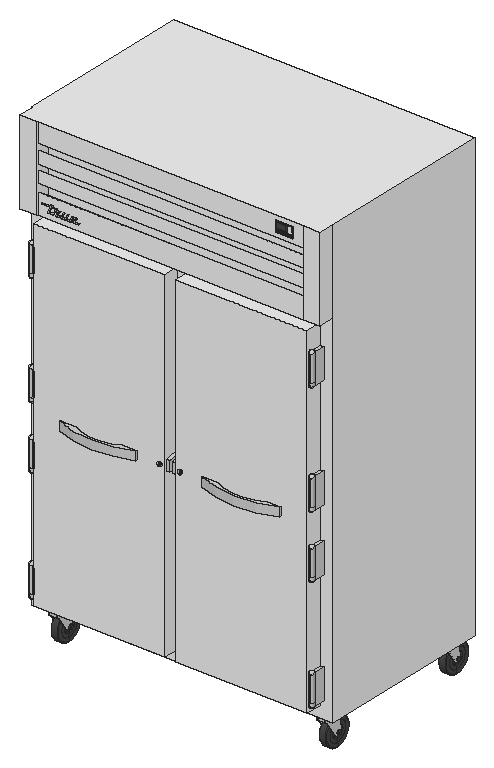
Revit family (continued)
Automatic sketch dimensions
  plane 9 to Extrusion 11 sketch curve = 4.2625"
  Extrusion 11 sketch curve to Extrusion 11 sketch curve = 2.4"  (x2)
  plane 8 to Extrusion 11 sketch curve = 12 13/32"
  Extrusion 11 sketch curve to Extrusion 11 sketch curve = 0"
  plane 5 "FRONT" to Extrusion 11 sketch curve = 0.2"
  Extrusion 11 sketch curve to plane 5 "FRONT" = 7.77899"
  Extrusion 11 sketch curve to Extrusion 11 sketch curve = 7.30945"
  plane 8 to Blend 12 sketch curve = 15/16"  (x2)
  plane 8 to Blend 12 sketch curve = 3/16"
  plane 7 to Blend 12 sketch curve = 31.11669"
  Blend 12 sketch curve to Blend 12 sketch curve = 1 3/4"
  plane 8 to Blend 12 sketch curve = 0.00527"
  plane 7 to Blend 12 sketch curve = 30.5191"
  Blend 12 sketch curve to Blend 12 sketch curve = 2.78233"
  Blend 13 sketch curve to plane 8 = 1 3/32"
  Blend 13 sketch curve to plane 8 = 11/32"
  plane 7 to Blend 13 sketch curve = 32.86669"
  Blend 13 sketch curve to Blend 13 sketch curve = 1 3/4"
  plane 8 to Blend 13 sketch curve = 1 3/32"
  plane 8 to Blend 13 sketch curve = 0.16152"
  Blend 13 sketch curve to plane 7 = 30.5191"
  Blend 13 sketch curve to Blend 13 sketch curve = 2.78233"
  Extrusion 14 sketch curve to plane 5 "FRONT" = 1/2"
  Extrusion 14 sketch curve to Extrusion 14 sketch curve = 0.43503"
  Extrusion 14 sketch curve to Extrusion 14 sketch curve = 0.20453"
  Extrusion 14 sketch curve to Extrusion 14 sketch curve = 1.61044"
  Extrusion 14 sketch curve to plane 6 "TOP" = 24.88873"
  Extrusion 14 sketch curve to Extrusion 14 sketch curve = 0.71221"
  Extrusion 14 sketch curve to Extrusion 14 sketch curve = 4.39928"
  Revolve 15 sketch curve to plane 5 "FRONT" = 0.07771"  (x2)
  Revolve 15 sketch curve to Revolve 15 sketch curve = 0.38242"
  Revolve 15 sketch curve to Revolve 15 sketch curve = 0.38436"
  Revolve 15 sketch curve to plane 5 "FRONT" = 31/64"
  Revolve 15 sketch curve to Revolve 15 sketch curve = 0.40666"
  Revolve 15 sketch curve to Revolve 15 sketch curve = 0"
  Revolve 15 sketch curve to plane 6 "TOP" = 25.07719"
  Revolve 15 sketch curve to Revolve 15 sketch curve = 0.32931"
  Revolve 15 sketch curve to Revolve 15 sketch curve = 0.51246"
  Revolve 15 sketch curve to Revolve 15 sketch curve = 0.05342"
  Revolve 15 sketch curve to Revolve 15 sketch curve = 4.42889"
  Revolve 15 sketch curve to Revolve 15 sketch curve = 0.04281"
  Revolve 15 sketch curve to Revolve 15 sketch curve = 0.18929"
  Revolve 15 sketch curve to Revolve 15 sketch curve = 0.55526"
  Extrusion 16 sketch curve to plane 9 = 0.96009"
  Extrusion 16 sketch curve to Extrusion 16 sketch curve = 0.39759"
  Extrusion 16 sketch curve to plane 6 "TOP" = 24.12421"
  Extrusion 16 sketch curve to Extrusion 16 sketch curve = 4.47281"
  Extrusion 17 sketch curve to plane 5 "FRONT" = 1/2"
  Extrusion 17 sketch curve to Extrusion 17 sketch curve = 0.43503"
  Extrusion 17 sketch curve to Extrusion 17 sketch curve = 0.20453"
  Extrusion 17 sketch curve to Extrusion 17 sketch curve = 1.61044"
  plane 7 to Extrusion 17 sketch curve = 33.61127"
  Extrusion 17 sketch curve to Extrusion 17 sketch curve = 0.71221"
  Extrusion 17 sketch curve to Extrusion 17 sketch curve = 4.39928"
  Revolve 18 sketch curve to plane 5 "FRONT" = 0.07771"  (x2)
  Revolve 18 sketch curve to Revolve 18 sketch curve = 0.38242"
  Revolve 18 sketch curve to Revolve 18 sketch curve = 0.38436"
  Revolve 18 sketch curve to plane 5 "FRONT" = 31/64"
  Revolve 18 sketch curve to Revolve 18 sketch curve = 0.40666"
  Revolve 18 sketch curve to Revolve 18 sketch curve = 0"
  plane 7 to Revolve 18 sketch curve = 33.42281"
  Revolve 18 sketch curve to Revolve 18 sketch curve = 0.32931"
  Revolve 18 sketch curve to Revolve 18 sketch curve = 0.51246"
  Revolve 18 sketch curve to Revolve 18 sketch curve = 0.05342"
  Revolve 18 sketch curve to Revolve 18 sketch curve = 4.42889"
  Revolve 18 sketch curve to Revolve 18 sketch curve = 0.04281"
  Revolve 18 sketch curve to Revolve 18 sketch curve = 0.18929"
  Revolve 18 sketch curve to Revolve 18 sketch curve = 0.55526"
  Extrusion 19 sketch curve to plane 9 = 0.96009"
  Extrusion 19 sketch curve to Extrusion 19 sketch curve = 0.39759"
  plane 7 to Extrusion 19 sketch curve = 34.37579"
  Extrusion 19 sketch curve to Extrusion 19 sketch curve = 4.47281"
  Extrusion 20 sketch curve to plane 5 "FRONT" = 1/2"
  Extrusion 20 sketch curve to Extrusion 20 sketch curve = 0.43503"
  Extrusion 20 sketch curve to Extrusion 20 sketch curve = 0.20453"
  Extrusion 20 sketch curve to Extrusion 20 sketch curve = 1.61044"
  plane 7 to Extrusion 20 sketch curve = 22.61127"
  Extrusion 20 sketch curve to Extrusion 20 sketch curve = 0.71221"
  Extrusion 20 sketch curve to Extrusion 20 sketch curve = 4.39928"
  Revolve 21 sketch curve to plane 5 "FRONT" = 0.07771"  (x2)
  Revolve 21 sketch curve to Revolve 21 sketch curve = 0.38242"
  Revolve 21 sketch curve to Revolve 21 sketch curve = 0.38436"
  Revolve 21 sketch curve to plane 5 "FRONT" = 31/64"
  Revolve 21 sketch curve to Revolve 21 sketch curve = 0.40666"
  Revolve 21 sketch curve to Revolve 21 sketch curve = 0"
  plane 7 to Revolve 21 sketch curve = 22.42281"
  Revolve 21 sketch curve to Revolve 21 sketch curve = 0.32931"
  Revolve 21 sketch curve to Revolve 21 sketch curve = 0.51246"
  Revolve 21 sketch curve to Revolve 21 sketch curve = 0.05342"
  Revolve 21 sketch curve to Revolve 21 sketch curve = 4.42889"
  Revolve 21 sketch curve to Revolve 21 sketch curve = 0.04281"
  Revolve 21 sketch curve to Revolve 21 sketch curve = 0.18929"
  Revolve 21 sketch curve to Revolve 21 sketch curve = 0.55526"
  Extrusion 22 sketch curve to plane 9 = 0.96009"
  Extrusion 22 sketch curve to Extrusion 22 sketch curve = 0.39759"
  plane 7 to Extrusion 22 sketch curve = 23.37579"
  Extrusion 22 sketch curve to Extrusion 22 sketch curve = 4.47281"
  Extrusion 23 sketch curve to plane 5 "FRONT" = 1/2"
  Extrusion 23 sketch curve to Extrusion 23 sketch curve = 0.43503"
  Extrusion 23 sketch curve to Extrusion 23 sketch curve = 0.20453"
  Extrusion 23 sketch curve to Extrusion 23 sketch curve = 1.61044"
  plane 7 to Extrusion 23 sketch curve = 2.86127"
  Extrusion 23 sketch curve to Extrusion 23 sketch curve = 0.71221"
  Extrusion 23 sketch curve to Extrusion 23 sketch curve = 4.39928"
  Revolve 24 sketch curve to plane 5 "FRONT" = 0.07771"  (x2)
  Revolve 24 sketch curve to Revolve 24 sketch curve = 0.38242"
  Revolve 24 sketch curve to Revolve 24 sketch curve = 0.38436"
  Revolve 24 sketch curve to plane 5 "FRONT" = 31/64"
  Revolve 24 sketch curve to Revolve 24 sketch curve = 0.40666"
  Revolve 24 sketch curve to Revolve 24 sketch curve = 0"
  plane 7 to Revolve 24 sketch curve = 2.67281"
  Revolve 24 sketch curve to Revolve 24 sketch curve = 0.32931"
  Revolve 24 sketch curve to Revolve 24 sketch curve = 0.51246"
  Revolve 24 sketch curve to Revolve 24 sketch curve = 0.05342"
  Revolve 24 sketch curve to Revolve 24 sketch curve = 4.42889"
  Revolve 24 sketch curve to Revolve 24 sketch curve = 0.04281"
  Revolve 24 sketch curve to Revolve 24 sketch curve = 0.18929"
  Revolve 24 sketch curve to Revolve 24 sketch curve = 0.55526"
  Extrusion 25 sketch curve to plane 9 = 0.96009"
  Extrusion 25 sketch curve to Extrusion 25 sketch curve = 0.39759"
  plane 7 to Extrusion 25 sketch curve = 3.62579"
  Extrusion 25 sketch curve to Extrusion 25 sketch curve = 4.47281"
  Extrusion 26 sketch curve to plane 5 "FRONT" = 1/2"
  Extrusion 26 sketch curve to Extrusion 26 sketch curve = 0.43503"
  Extrusion 26 sketch curve to Extrusion 26 sketch curve = 0.20453"
  Extrusion 26 sketch curve to Extrusion 26 sketch curve = 1.61044"
  Extrusion 26 sketch curve to plane 6 "TOP" = 19.57271"
  Extrusion 26 sketch curve to Extrusion 26 sketch curve = 4.39928"
  Extrusion 26 sketch curve to Extrusion 26 sketch curve = 0.71221"
  Revolve 27 sketch curve to plane 5 "FRONT" = 0.07771"  (x2)
  Revolve 27 sketch curve to Revolve 27 sketch curve = 0.38242"
  Revolve 27 sketch curve to Revolve 27 sketch curve = 0.38436"
  Revolve 27 sketch curve to plane 5 "FRONT" = 31/64"
  Revolve 27 sketch curve to Revolve 27 sketch curve = 0.40666"
  Revolve 27 sketch curve to Revolve 27 sketch curve = 0"
  Revolve 27 sketch curve to plane 6 "TOP" = 18.75492"
  Revolve 27 sketch curve to Revolve 27 sketch curve = 0.55526"
  Revolve 27 sketch curve to Revolve 27 sketch curve = 0.19474"
  Revolve 27 sketch curve to Revolve 27 sketch curve = 0.14649"
  Revolve 27 sketch curve to Revolve 27 sketch curve = 4.42889"
  Revolve 27 sketch curve to Revolve 27 sketch curve = 0.05342"
  Revolve 27 sketch curve to Revolve 27 sketch curve = 0.51246"
  Revolve 27 sketch curve to Revolve 27 sketch curve = 0.05889"
  plane 10 to Extrusion 28 sketch curve = 0.80384"
  Extrusion 28 sketch curve to Extrusion 28 sketch curve = 0.39759"
  Extrusion 28 sketch curve to plane 6 "TOP" = 19.6514"
  Extrusion 28 sketch curve to Extrusion 28 sketch curve = 4.47281"
  Extrusion 29 sketch curve to plane 5 "FRONT" = 1/2"
  Extrusion 29 sketch curve to Extrusion 29 sketch curve = 0.43503"
  Extrusion 29 sketch curve to Extrusion 29 sketch curve = 0.20453"
  Extrusion 29 sketch curve to Extrusion 29 sketch curve = 1.61044"
  plane 7 to Extrusion 29 sketch curve = 38.92729"
  Extrusion 29 sketch curve to Extrusion 29 sketch curve = 4.39928"
  Extrusion 29 sketch curve to Extrusion 29 sketch curve = 0.71221"
  Revolve 30 sketch curve to plane 5 "FRONT" = 0.07771"  (x2)
  Revolve 30 sketch curve to Revolve 30 sketch curve = 0.38242"
  Revolve 30 sketch curve to Revolve 30 sketch curve = 0.38436"
  Revolve 30 sketch curve to plane 5 "FRONT" = 31/64"
  Revolve 30 sketch curve to Revolve 30 sketch curve = 0.40666"
  Revolve 30 sketch curve to Revolve 30 sketch curve = 0"
  Revolve 30 sketch curve to plane 6 "TOP" = 38.25492"
  Revolve 30 sketch curve to Revolve 30 sketch curve = 0.55526"
  Revolve 30 sketch curve to Revolve 30 sketch curve = 0.19474"
  Revolve 30 sketch curve to Revolve 30 sketch curve = 0.14649"
  Revolve 30 sketch curve to Revolve 30 sketch curve = 4.42889"
  Revolve 30 sketch curve to Revolve 30 sketch curve = 0.05342"
  Revolve 30 sketch curve to Revolve 30 sketch curve = 0.51246"
  Revolve 30 sketch curve to Revolve 30 sketch curve = 0.05889"
  plane 10 to Extrusion 31 sketch curve = 0.80384"
  Extrusion 31 sketch curve to Extrusion 31 sketch curve = 0.39759"
  plane 7 to Extrusion 31 sketch curve = 38.8486"
  Extrusion 31 sketch curve to Extrusion 31 sketch curve = 4.47281"
  Extrusion 32 sketch curve to plane 5 "FRONT" = 1/2"
  Extrusion 32 sketch curve to Extrusion 32 sketch curve = 0.43503"
  Extrusion 32 sketch curve to Extrusion 32 sketch curve = 0.20453"
  Extrusion 32 sketch curve to Extrusion 32 sketch curve = 1.61044"
  plane 7 to Extrusion 32 sketch curve = 27.92729"
  Extrusion 32 sketch curve to Extrusion 32 sketch curve = 4.39928"
  Extrusion 32 sketch curve to Extrusion 32 sketch curve = 0.71221"
  Revolve 33 sketch curve to plane 5 "FRONT" = 0.07771"  (x2)
  Revolve 33 sketch curve to Revolve 33 sketch curve = 0.38242"
  Revolve 33 sketch curve to Revolve 33 sketch curve = 0.38436"
  Revolve 33 sketch curve to plane 5 "FRONT" = 31/64"
  Revolve 33 sketch curve to Revolve 33 sketch curve = 0.40666"
  Revolve 33 sketch curve to Revolve 33 sketch curve = 0"
  plane 7 to Revolve 33 sketch curve = 28.74508"
  Revolve 33 sketch curve to Revolve 33 sketch curve = 0.55526"
  Revolve 33 sketch curve to Revolve 33 sketch curve = 0.19474"
  Revolve 33 sketch curve to Revolve 33 sketch curve = 0.14649"
  Revolve 33 sketch curve to Revolve 33 sketch curve = 4.42889"
  Revolve 33 sketch curve to Revolve 33 sketch curve = 0.05342"
  Revolve 33 sketch curve to Revolve 33 sketch curve = 0.51246"
  Revolve 33 sketch curve to Revolve 33 sketch curve = 0.05889"
  plane 10 to Extrusion 34 sketch curve = 0.80384"
  Extrusion 34 sketch curve to Extrusion 34 sketch curve = 0.39759"
  plane 7 to Extrusion 34 sketch curve = 27.8486"
  Extrusion 34 sketch curve to Extrusion 34 sketch curve = 4.47281"
  Extrusion 35 sketch curve to plane 5 "FRONT" = 1/2"
  Extrusion 35 sketch curve to Extrusion 35 sketch curve = 0.43503"
  Extrusion 35 sketch curve to Extrusion 35 sketch curve = 0.20453"
  Extrusion 35 sketch curve to Extrusion 35 sketch curve = 1.61044"
  plane 7 to Extrusion 35 sketch curve = 8.17729"
  plane 7 to Extrusion 35 sketch curve = 3.57348"
  Extrusion 35 sketch curve to Extrusion 35 sketch curve = 0.71221"
  Revolve 36 sketch curve to plane 5 "FRONT" = 0.07771"  (x2)
  Revolve 36 sketch curve to Revolve 36 sketch curve = 0.38242"
  Revolve 36 sketch curve to Revolve 36 sketch curve = 0.38436"
  Revolve 36 sketch curve to plane 5 "FRONT" = 31/64"
  Revolve 36 sketch curve to Revolve 36 sketch curve = 0.40666"
  Revolve 36 sketch curve to Revolve 36 sketch curve = 0"
  plane 7 to Revolve 36 sketch curve = 8.99508"
  Revolve 36 sketch curve to Revolve 36 sketch curve = 0.55526"
  Revolve 36 sketch curve to Revolve 36 sketch curve = 0.19474"
  Revolve 36 sketch curve to Revolve 36 sketch curve = 0.14649"
  plane 7 to Revolve 36 sketch curve = 3.62689"
  Revolve 36 sketch curve to Revolve 36 sketch curve = 0.05342"
  Revolve 36 sketch curve to Revolve 36 sketch curve = 0.51246"
  Revolve 36 sketch curve to Revolve 36 sketch curve = 0.05889"
  plane 10 to Extrusion 37 sketch curve = 0.80384"
  Extrusion 37 sketch curve to Extrusion 37 sketch curve = 0.39759"
  plane 7 to Extrusion 37 sketch curve = 8.0986"
  plane 7 to Extrusion 37 sketch curve = 3.62579"
  Revolve 38 sketch curve to plane 10 = 1.50773"
  Revolve 38 sketch curve to Revolve 38 sketch curve = 0.48273"
  Revolve 38 sketch curve to plane 10 = 5/8"  (x2)
  Revolve 38 sketch curve to Revolve 38 sketch curve = 0.1"  (x2)
  Revolve 38 sketch curve to Revolve 38 sketch curve = 0.16101"
  plane 10 to Revolve 38 sketch curve = 0.12908"
  plane 10 to Revolve 38 sketch curve = 0.46399"
  plane 10 to Revolve 38 sketch curve = 0.525"
  Revolve 38 sketch curve to Revolve 38 sketch curve = 1/2"
  Revolve 38 sketch curve to Revolve 38 sketch curve = 0.16509"
  Revolve 38 sketch curve to Revolve 38 sketch curve = 0.39592"
  level to Revolve 38 sketch curve = 2 1/2"
  Revolve 38 sketch curve to Revolve 38 sketch curve = 0"
  Revolve 38 sketch curve to Revolve 38 sketch curve = 0.29941"  (x2)
  Revolve 38 sketch curve to Revolve 38 sketch curve = 3/4"  (x4)
  Revolve 38 sketch curve to Revolve 38 sketch curve = 0.59652"
  Revolve 38 sketch curve to Revolve 38 sketch curve = 0.60059"
  Extrusion 39 sketch curve to plane 7 = 0.63926"  (x2)
  Extrusion 39 sketch curve to plane 5 "FRONT" = 3.79864"
  Extrusion 39 sketch curve to Extrusion 39 sketch curve = 1/4"  (x2)
  level to Extrusion 39 sketch curve = 2.18736"  (x2)
  Extrusion 39 sketch curve to Extrusion 39 sketch curve = 1.7492"
  Extrusion 39 sketch curve to Extrusion 39 sketch curve = 0.50669"  (x2)
  Extrusion 39 sketch curve to Extrusion 39 sketch curve = 2 1/2"
  level to Extrusion 39 sketch curve = 2.59003"
  Extrusion 39 sketch curve to Extrusion 39 sketch curve = 0.59966"  (x2)
  plane 1 "BACK" to Extrusion 39 sketch curve = 3.8577"
  plane 1 "BACK" to Extrusion 39 sketch curve = 1.8585"
  plane 1 "BACK" to Extrusion 39 sketch curve = 1.1077"
  Extrusion 39 sketch curve to Extrusion 39 sketch curve = 0.32905"
  Extrusion 39 sketch curve to Extrusion 39 sketch curve = 0.60485"  (x2)
  Extrusion 40 sketch curve to plane 7 = 0.63926"  (x2)
  Extrusion 40 sketch curve to plane 5 "FRONT" = 3.79864"
  Extrusion 40 sketch curve to Extrusion 40 sketch curve = 1/4"  (x2)
  level to Extrusion 40 sketch curve = 2.18736"  (x2)
  Extrusion 40 sketch curve to Extrusion 40 sketch curve = 1.7492"
  Extrusion 40 sketch curve to Extrusion 40 sketch curve = 0.50669"  (x2)
  Extrusion 40 sketch curve to Extrusion 40 sketch curve = 2 1/2"
  level to Extrusion 40 sketch curve = 2.59003"
  Extrusion 40 sketch curve to Extrusion 40 sketch curve = 0.59966"  (x2)
  plane 1 "BACK" to Extrusion 40 sketch curve = 3.8577"
  plane 1 "BACK" to Extrusion 40 sketch curve = 1.8585"
  plane 1 "BACK" to Extrusion 40 sketch curve = 1.1077"
  Extrusion 40 sketch curve to Extrusion 40 sketch curve = 0.32905"
  Extrusion 40 sketch curve to Extrusion 40 sketch curve = 0.60485"  (x2)
  Revolve 41 sketch curve to plane 10 = 0"  (x2)
  Revolve 41 sketch curve to plane 7 = 0.62954"
  Revolve 41 sketch curve to plane 10 = 1.29707"
  Revolve 41 sketch curve to Revolve 41 sketch curve = 0.10278"
  Revolve 41 sketch curve to plane 7 = 0.00141"
  plane 7 to Revolve 41 sketch curve = 0.26768"
  Revolve 42 sketch curve to level = 0"
  Revolve 42 sketch curve to plane 10 = 0"  (x2)
  Revolve 42 sketch curve to plane 10 = 1/2"
  Revolve 42 sketch curve to Revolve 42 sketch curve = 1/4"
  Revolve 42 sketch curve to plane 7 = 0"
  Revolve 42 sketch curve to Revolve 42 sketch curve = 1.33338"
  level to Revolve 42 sketch curve = 1"
  Revolve 42 sketch curve to Revolve 42 sketch curve = 5/8"
  plane 7 to Revolve 42 sketch curve = 1 25/32"
  Revolve 43 sketch curve to level = 0"
  Revolve 43 sketch curve to plane 10 = 0"  (x2)
  Revolve 43 sketch curve to plane 10 = 1/2"
  Revolve 43 sketch curve to Revolve 43 sketch curve = 1/4"
  Revolve 43 sketch curve to plane 7 = 0"
  Revolve 43 sketch curve to Revolve 43 sketch curve = 1.33338"
  level to Revolve 43 sketch curve = 1"
  Revolve 43 sketch curve to Revolve 43 sketch curve = 5/8"
  plane 7 to Revolve 43 sketch curve = 1 25/32"
  Revolve 44 sketch curve to plane 10 = 0"  (x2)
  Revolve 44 sketch curve to plane 7 = 0.62954"
  Revolve 44 sketch curve to plane 10 = 1.29707"
  Revolve 44 sketch curve to Revolve 44 sketch curve = 0.10278"
  Revolve 44 sketch curve to plane 7 = 0.00141"
  plane 7 to Revolve 44 sketch curve = 0.26768"
  Extrusion 45 sketch curve to plane 7 = 0.63926"  (x2)
  Extrusion 45 sketch curve to plane 5 "FRONT" = 3.79864"
  Extrusion 45 sketch curve to Extrusion 45 sketch curve = 1/4"  (x2)
  Extrusion 45 sketch curve to Extrusion 45 sketch curve = 2 1/2"
  Extrusion 45 sketch curve to plane 7 = 0.93273"  (x2)
  Extrusion 45 sketch curve to Extrusion 45 sketch curve = 0.03603"
  plane 1 "BACK" to Extrusion 45 sketch curve = 3.8577"
  Extrusion 45 sketch curve to plane 7 = 1.24411"
  plane 1 "BACK" to Extrusion 45 sketch curve = 1.1077"
  Revolve 46 sketch curve to plane 10 = 1.50773"
  Revolve 46 sketch curve to Revolve 46 sketch curve = 0.48273"
  Revolve 46 sketch curve to plane 10 = 5/8"  (x2)
  Revolve 46 sketch curve to Revolve 46 sketch curve = 0.1"  (x2)
  Revolve 46 sketch curve to Revolve 46 sketch curve = 0.16101"
  plane 10 to Revolve 46 sketch curve = 0.12908"
  plane 10 to Revolve 46 sketch curve = 0.46399"
  plane 10 to Revolve 46 sketch curve = 0.525"
  Revolve 46 sketch curve to Revolve 46 sketch curve = 1/2"
  Revolve 46 sketch curve to Revolve 46 sketch curve = 0.16509"
  Revolve 46 sketch curve to Revolve 46 sketch curve = 0.39592"
  level to Revolve 46 sketch curve = 2 1/2"
  Revolve 46 sketch curve to Revolve 46 sketch curve = 0"
  Revolve 46 sketch curve to Revolve 46 sketch curve = 0.29941"  (x2)
  Revolve 46 sketch curve to Revolve 46 sketch curve = 3/4"  (x4)
  Revolve 46 sketch curve to Revolve 46 sketch curve = 0.59652"
  Revolve 46 sketch curve to Revolve 46 sketch curve = 0.60059"
  plane 3 "LEFT" to Revolve 47 sketch curve = 1.33602"
  Revolve 47 sketch curve to Revolve 47 sketch curve = 0.48273"
  Revolve 47 sketch curve to plane 9 = 5/8"  (x2)
  Revolve 47 sketch curve to Revolve 47 sketch curve = 0.1"  (x2)
  Revolve 47 sketch curve to Revolve 47 sketch curve = 0.16101"
  plane 9 to Revolve 47 sketch curve = 0.12908"
  plane 9 to Revolve 47 sketch curve = 0.46399"
  plane 9 to Revolve 47 sketch curve = 0.525"
  Revolve 47 sketch curve to Revolve 47 sketch curve = 1/2"
  Revolve 47 sketch curve to Revolve 47 sketch curve = 0.16509"
  Revolve 47 sketch curve to Revolve 47 sketch curve = 0.39592"
  level to Revolve 47 sketch curve = 2 1/2"
  Revolve 47 sketch curve to Revolve 47 sketch curve = 0"
  Revolve 47 sketch curve to Revolve 47 sketch curve = 0.29941"  (x2)
  Revolve 47 sketch curve to Revolve 47 sketch curve = 3/4"  (x4)
  Revolve 47 sketch curve to Revolve 47 sketch curve = 0.59652"
  Revolve 47 sketch curve to Revolve 47 sketch curve = 0.60059"
  Extrusion 48 sketch curve to plane 7 = 0.63926"  (x2)
  Extrusion 48 sketch curve to plane 5 "FRONT" = 3.79864"
  Extrusion 48 sketch curve to Extrusion 48 sketch curve = 1/4"  (x2)
  level to Extrusion 48 sketch curve = 2.18736"  (x2)
  Extrusion 48 sketch curve to Extrusion 48 sketch curve = 1.7492"
  Extrusion 48 sketch curve to Extrusion 48 sketch curve = 0.50669"  (x2)
  Extrusion 48 sketch curve to Extrusion 48 sketch curve = 2 1/2"
  level to Extrusion 48 sketch curve = 2.59003"
  Extrusion 48 sketch curve to Extrusion 48 sketch curve = 0.59966"  (x2)
  plane 1 "BACK" to Extrusion 48 sketch curve = 3.8577"
  plane 1 "BACK" to Extrusion 48 sketch curve = 1.8585"
  plane 1 "BACK" to Extrusion 48 sketch curve = 1.1077"
  Extrusion 48 sketch curve to Extrusion 48 sketch curve = 0.32905"
  Extrusion 48 sketch curve to Extrusion 48 sketch curve = 0.60485"  (x2)
  Extrusion 49 sketch curve to plane 7 = 0.63926"  (x2)
  Extrusion 49 sketch curve to plane 5 "FRONT" = 3.79864"
  Extrusion 49 sketch curve to Extrusion 49 sketch curve = 1/4"  (x2)
  level to Extrusion 49 sketch curve = 2.18736"  (x2)
  Extrusion 49 sketch curve to Extrusion 49 sketch curve = 1.7492"
  Extrusion 49 sketch curve to Extrusion 49 sketch curve = 0.50669"  (x2)
  Extrusion 49 sketch curve to Extrusion 49 sketch curve = 2 1/2"
  level to Extrusion 49 sketch curve = 2.59003"
  Extrusion 49 sketch curve to Extrusion 49 sketch curve = 0.59966"  (x2)
  plane 1 "BACK" to Extrusion 49 sketch curve = 3.8577"
  plane 1 "BACK" to Extrusion 49 sketch curve = 1.8585"
  plane 1 "BACK" to Extrusion 49 sketch curve = 1.1077"
  Extrusion 49 sketch curve to Extrusion 49 sketch curve = 0.32905"
  Extrusion 49 sketch curve to Extrusion 49 sketch curve = 0.60485"  (x2)
  Revolve 50 sketch curve to plane 9 = 0"  (x2)
  Revolve 50 sketch curve to plane 7 = 0.62954"
  Revolve 50 sketch curve to plane 9 = 1.29707"
  Revolve 50 sketch curve to Revolve 50 sketch curve = 0.10278"
  Revolve 50 sketch curve to plane 7 = 0.00141"
  plane 7 to Revolve 50 sketch curve = 0.26768"
  Revolve 51 sketch curve to level = 0"
  Revolve 51 sketch curve to plane 9 = 0"  (x2)
  Revolve 51 sketch curve to plane 9 = 1/2"
  Revolve 51 sketch curve to Revolve 51 sketch curve = 1/4"
  Revolve 51 sketch curve to plane 7 = 0"
  Revolve 51 sketch curve to plane 9 = 1.33338"
  level to Revolve 51 sketch curve = 1"
  Revolve 51 sketch curve to Revolve 51 sketch curve = 5/8"
  plane 7 to Revolve 51 sketch curve = 1 25/32"
  Revolve 52 sketch curve to level = 0"
  Revolve 52 sketch curve to plane 9 = 0"  (x2)
  Revolve 52 sketch curve to plane 9 = 1/2"
  Revolve 52 sketch curve to Revolve 52 sketch curve = 1/4"
  Revolve 52 sketch curve to plane 7 = 0"
  Revolve 52 sketch curve to plane 9 = 1.33338"
  level to Revolve 52 sketch curve = 1"
  Revolve 52 sketch curve to Revolve 52 sketch curve = 5/8"
  plane 7 to Revolve 52 sketch curve = 1 25/32"
  Revolve 53 sketch curve to plane 9 = 0"  (x2)
  Revolve 53 sketch curve to plane 7 = 0.62954"
  Revolve 53 sketch curve to plane 9 = 1.29707"
  Revolve 53 sketch curve to Revolve 53 sketch curve = 0.10278"
  Revolve 53 sketch curve to plane 7 = 0.00141"
  plane 7 to Revolve 53 sketch curve = 0.26768"
  Extrusion 54 sketch curve to plane 7 = 0.63926"  (x2)
  Extrusion 54 sketch curve to plane 5 "FRONT" = 3.79864"
  Extrusion 54 sketch curve to Extrusion 54 sketch curve = 1/4"  (x2)
  Extrusion 54 sketch curve to Extrusion 54 sketch curve = 2 1/2"
  Extrusion 54 sketch curve to plane 7 = 0.93273"  (x2)
  Extrusion 54 sketch curve to Extrusion 54 sketch curve = 0.03603"
  plane 1 "BACK" to Extrusion 54 sketch curve = 3.8577"
  Extrusion 54 sketch curve to plane 7 = 1.24411"
  plane 1 "BACK" to Extrusion 54 sketch curve = 1.1077"
  plane 3 "LEFT" to Revolve 55 sketch curve = 1.33602"
  Revolve 55 sketch curve to Revolve 55 sketch curve = 0.48273"
  Revolve 55 sketch curve to plane 9 = 5/8"  (x2)
  Revolve 55 sketch curve to Revolve 55 sketch curve = 0.1"  (x2)
  Revolve 55 sketch curve to Revolve 55 sketch curve = 0.16101"
  plane 9 to Revolve 55 sketch curve = 0.12908"
  plane 9 to Revolve 55 sketch curve = 0.46399"
  plane 9 to Revolve 55 sketch curve = 0.525"
  Revolve 55 sketch curve to Revolve 55 sketch curve = 1/2"
  Revolve 55 sketch curve to Revolve 55 sketch curve = 0.16509"
  Revolve 55 sketch curve to Revolve 55 sketch curve = 0.39592"
  level to Revolve 55 sketch curve = 2 1/2"
  Revolve 55 sketch curve to Revolve 55 sketch curve = 0"
  Revolve 55 sketch curve to Revolve 55 sketch curve = 0.29941"  (x2)
  Revolve 55 sketch curve to Revolve 55 sketch curve = 3/4"  (x4)
  Revolve 55 sketch curve to Revolve 55 sketch curve = 0.59652"
  Revolve 55 sketch curve to Revolve 55 sketch curve = 0.60059"
  Extrusion 56 sketch curve to plane 6 "TOP" = 2.55982"
  Extrusion 56 sketch curve to plane 10 = 5.12093"
  Extrusion 56 sketch curve to plane 10 = 2.21468"
  Extrusion 56 sketch curve to plane 6 "TOP" = 13/16"
  Extrusion 57 sketch curve to plane 6 "TOP" = 3/4"
  Extrusion 57 sketch curve to plane 10 = 5.18343"
  Extrusion 57 sketch curve to Extrusion 57 sketch curve = 1/16"  (x4)
  Extrusion 57 sketch curve to Extrusion 57 sketch curve = 0.1375"  (x2)
  Extrusion 57 sketch curve to Extrusion 57 sketch curve = 1/4"  (x4)
  Extrusion 57 sketch curve to Extrusion 57 sketch curve = 0.44601"
  Extrusion 57 sketch curve to Extrusion 57 sketch curve = 1/2"  (x2)
  Extrusion 57 sketch curve to Extrusion 57 sketch curve = 0.0035"
  Extrusion 57 sketch curve to Extrusion 57 sketch curve = 1.06923"
  Extrusion 57 sketch curve to plane 6 "TOP" = 0.95"
  Extrusion 57 sketch curve to Extrusion 57 sketch curve = 1"
  Extrusion 57 sketch curve to Extrusion 57 sketch curve = 0.34106"  (x3)
  Extrusion 57 sketch curve to Extrusion 57 sketch curve = 0"
  Extrusion 57 sketch curve to Extrusion 57 sketch curve = 0.26876"
  Extrusion 59 sketch curve to plane 9 = 0"
  Extrusion 59 sketch curve to plane 5 "FRONT" = 5.09023"
  Extrusion 60 sketch curve to plane 9 = 0"
  plane 1 "BACK" to Extrusion 60 sketch curve = 2.69102"
  Extrusion 61 sketch curve to plane 10 = 0"
  plane 1 "BACK" to Extrusion 61 sketch curve = 2.69102"
  Extrusion 62 sketch curve to plane 10 = 0"
  Extrusion 62 sketch curve to plane 5 "FRONT" = 5.09023"
  plane 5 "FRONT" to Extrusion 58 sketch curve = 0"  (x2)
  plane 10 to Extrusion 58 sketch curve = 13/32"
  Extrusion 58 sketch curve to plane 12 = 15/16"
  plane 8 to Extrusion 58 sketch curve = 15/16"
  Extrusion 58 sketch curve to plane 9 = 9/16"
  radius of Extrusion 8 sketch curve = 0.35"  (x2)
  radius of Extrusion 10 sketch curve = 1/4"
  radius of Extrusion 59 sketch curve = 1 1/2"
  radius of Extrusion 60 sketch curve = 1 1/2"
  radius of Extrusion 61 sketch curve = 1 1/2"
  radius of Extrusion 62 sketch curve = 1 1/2"
Connectors (in)
  electrical at (49.53125, -0.0625, 82), driven by "Volts", driven by "Watts"
    settings: on Extrusion 10, index 1, voltage 115 V, apparent load 1334 VA, apparent load phase1 0 VA, apparent load phase2 0 VA, apparent load phase3 0 VA, power factor 1, load classification "Other", number of poles 1, system type 30, power factor state 1, is connector primary yes, connector utility no, sub classification motor no, connector description "Electrical Connection"
